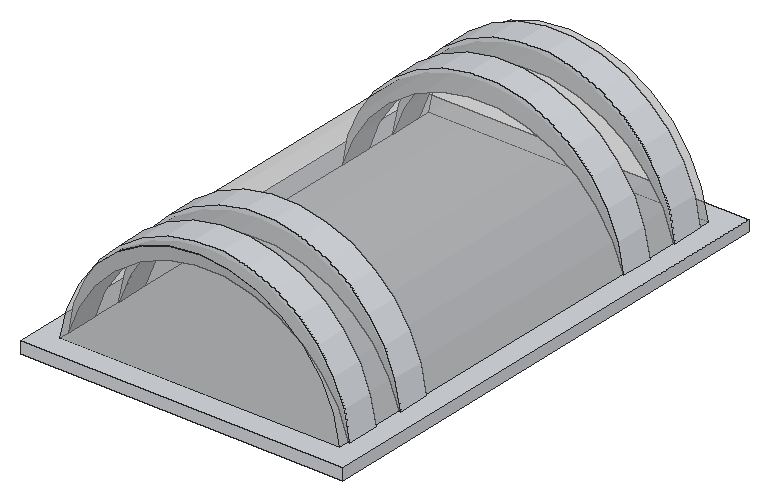
Revit family "7600", category Lighting Fixtures, Revit 2016
Family settings
  Part Type = Normal
  Round Connector Dimension = Use Diameter
  OmniClass Number = 23.80.70.00
  OmniClass Title = Lighting
  Work Plane-Based = No
  Always vertical = Yes
  Cut with Voids When Loaded = No
  Light Source = Yes
  Shared = No
  Room Calculation Point = No
Parameters
  Wattage = 12.1178 W
  built-in parameter 1150110 = 1 (stored number, unit not read)
  built-in parameter 1114217 = 1 (stored number, unit not read)
  built-in parameter 1150109 = 1 (stored number, unit not read)
  built-in parameter 1150134 = (empty or 0)
  built-in parameter 1150113 = 1 (stored number, unit not read)
  Lumens = 1800 lm
  built-in parameter 1150115 = 1 (stored number, unit not read)
  built-in parameter 1150105 = 143.24 (stored number, unit not read)
  Light Source Symbol Size = 2' - 0"
  built-in parameter 1150137 = (empty or 0)
  built-in parameter 1150139 = (empty or 0)
  built-in parameter 1150112 = 1 (stored number, unit not read)
  built-in parameter 1150114 = 1 (stored number, unit not read)
  built-in parameter 1150132 = 2
  built-in parameter 1150102 = (empty or 0)
  built-in parameter 1150138 = (empty or 0)
  built-in parameter 1150107 = 3000 (stored number, unit not read)
  built-in parameter 1150106 = 1.4324 (stored number, unit not read)
  built-in parameter 1150104 = 13.8 (stored number, unit not read)
  Dimming Lamp Color Temperature Shift = (empty or 0)
  Color Filter = 16777215
  built-in parameter 1114218 = 1 (stored number, unit not read)
  built-in parameter 1150133 = 10 (stored number, unit not read)
Reference planes (in)
  plane 1 "Light Source Axis (F/B)": y = 0
  plane 2: z = 0
  plane 3 "Light Source Axis (L/R)": x = 0
  plane 4 "Light Source Elevation": z = 7
  plane 5: y = 10
  plane 6: y = 9.5
Forms (in)
  Extrusion 1, solid
    sketch origin (0, 0, 0) x (1, 0, 0) y (0, 1, 0)
      loop
        line (-7, 11) -> (-7, -11) -> (7, -11) -> (7, 11) -> (-7, 11)
    from 0 to 0.5
  Extrusion 2, solid, material "Acrylic-Brownlee"
    sketch origin (-7, 10, 48) x (-1, 0, 0) y (0, 0, 1)
      loop
        line (-13.07846, -47.5) -> (-0.92154, -47.5)
        arc (-0.92154, -47.5) -> (-7, -42.11627) -> (-13.07846, -47.5) r 6.12329
    from 0 to -20
  Extrusion 3, solid
    sketch origin (0, 9.5, 8.061) x (0, 0, 1) y (-1, 0, 0)
      loop
        arc (-7.561, 6.08253) -> (-2.96837, 0.00203) -> (-7.561, -6.07846) r 6.32151
        line (-7.561, -6.07846) -> (-7.561, -6.11167)
        arc (-7.561, -6.11167) -> (-2.01719, 0.00203) -> (-7.561, 6.11574) r 6.14299
        line (-7.561, 6.11574) -> (-7.561, 6.08253)
    from 0 to 1.375
  Extrusion 4, solid
    sketch origin (0, 5.375, 8.061) x (0, 0, 1) y (1, 0, 0)
      loop
        line (-7.561, -6.08253) -> (-7.561, -6.11574)
        arc (-7.561, -6.11574) -> (-2.01719, -0.00203) -> (-7.561, 6.11167) r 6.14299
        line (-7.561, 6.11167) -> (-7.561, 6.07846)
        arc (-7.561, 6.07846) -> (-2.96837, -0.00203) -> (-7.561, -6.08253) r 6.32151
    from 0 to 1.375
  Extrusion 5, solid
    sketch origin (0, -9.5, 8.061) x (0, 0, 1) y (1, 0, 0)
      loop
        line (-7.561, -6.08253) -> (-7.561, -6.11574)
        arc (-7.561, -6.11574) -> (-2.01719, -0.00203) -> (-7.561, 6.11167) r 6.14299
        line (-7.561, 6.11167) -> (-7.561, 6.07846)
        arc (-7.561, 6.07846) -> (-2.96837, -0.00203) -> (-7.561, -6.08253) r 6.32151
    from 0 to 1.375
  Extrusion 6, solid
    sketch origin (0, -5.375, 8.061) x (0, 0, 1) y (-1, 0, 0)
      loop
        arc (-7.561, 6.08253) -> (-2.96837, 0.00203) -> (-7.561, -6.07846) r 6.32151
        line (-7.561, -6.07846) -> (-7.561, -6.11167)
        arc (-7.561, -6.11167) -> (-2.01719, 0.00203) -> (-7.561, 6.11574) r 6.14299
        line (-7.561, 6.11574) -> (-7.561, 6.08253)
    from 0 to 1.375
Dimensions and locks (in)
  aligned and locked: plane 3 "Light Source Axis (L/R)" to imposter light
  aligned and locked: plane 1 "Light Source Axis (F/B)" to imposter light
  aligned and locked: plane 4 "Light Source Elevation" to imposter light
  aligned and locked: level to plane 2
